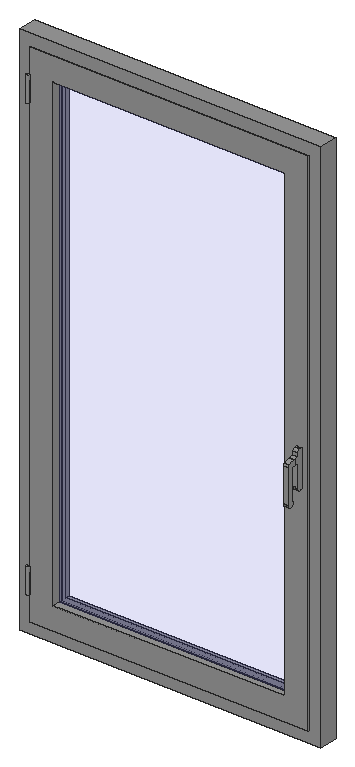
Revit family "2014_Ventana_Balconera-Practicable-1-Hoja_Alugom_Serie-ALG-75-Máxima", category Ventanas, Revit 2014
Parameters (values of type "Ventana 1 Hoja Balconera 1230x2200 mm")
  URL Poliamida - Catálogo = "http://www.technoform.com/fileadmin/Technoform_Bautec/standardprofiles.html"
  URL Poliamida = "http://www.technoform.es/"
  Configuración de poliamidas = "Poliamidas P66 GF25 Technoform Bautec de la serie Standar. Referencias: 429300, 268400, 425100, 380000"  # constant formula
  Apertura Balconera [instance] = yes
  Uniclass 2.0 Descripción = "Door and window systems"  # constant formula
  Uniclass 2.0 Código = "25-30"  # constant formula
  URL Producto = "http://www.alugom.com/Catalogo/tabid/336/ProdID/31/Language/es-ES/CatID/2/ventana_practicable_de_camara_europea_de_75_mm_con_RPT.aspx"
  URL = "http://www.alugom.com/"
  UNSPSC Código = "Windows"  # constant formula
  UNSPSC Categoría = "30171600"  # constant formula
  Transmitancia térmica** = "1.3 W(m²K)"  # constant formula
  Teléfono de Contacto = "+34 91 616 47 27"  # constant formula
  Sección de Marco = 75.00 mm  # constant formula
  Sección de Hoja = 82.00 mm  # constant formula
  Resistencia al viento* = "CLASE C5"  # constant formula
  Poliamida = Poliamida, Technoform Bautec, PA66 GF 25
  Peso máxima por hoja [instance] = "120 Kg"
  Permeabilidad al aire* = "CLASE 4"  # constant formula
  PERFILES_Junquillo 22mm_Vertical = 2
  PERFILES_Junquillo 22mm_Horizontal = 2
  PERFILES_8428-Vierteaguas_Horizontal = 1
  PERFILES_8412-Pletina falleba_Vertical = 0
  PERFILES_16---H-Cerco balconera alg 75_Vertical = 2
  PERFILES_16---H-Cerco balconera alg 75_Horizontal = 2
  PERFILES_16---H-Hoja balconera alg 75_Vertical = 2
  PERFILES_16---H-Hoja balconera alg 75_Horizontal = 2
  Omniclass Título = "Casment Window"  # constant formula
  Omniclass Código = "23.30.20.17.21.21"  # constant formula
  Modelo = "Serie ALG 75 MAXIMA"  # constant formula
  Masterformat Descripción = "Aluminium Windows"  # constant formula
  Masterformat Código = "08 51 13"  # constant formula
  Marco = Aluminio
  Manija [instance] = yes
  Línea Proyección = Anchura - (2 * 39.25 mm)  # 1151.50 mm
  IFC Clasificación = ""
  Grosor Acristalamiento Control = if(Grosor Acristalamiento < 26.50 mm, 26.50 mm, if(Grosor Acristalamiento > 60.50 mm, 60.50 mm, Grosor Acristalamiento))  # 39.00 mm
  Grosor Acristalamiento = 39.00 mm
  Fecha Revisión de Contenido = "20/10/2015"  # constant formula
  Fecha de Caducidad de la Información = "01/01/2016"  # constant formula
  Fabricante = "Grupo ALUGOM"  # constant formula
  Estanqueidad al aire* = "CLASE E1650"  # constant formula
  Email de Contacto = "alugom@alugom.com"  # constant formula
  Detalle Perfileria 16---H Cerco + 16---H Hoja [instance] = yes
  Desfase Interior Real [instance] = Desfase Interior + 75.00 mm  # 75.00 mm
  Desfase Interior [instance] = 0.00 mm
  Descripción = "Ventana 1 hoja balconera con rotura de puente térmico"  # constant formula
  Creado por = "Bimetica Parametric Design Services S.L."  # constant formula
  Comentarios de tipo = "UNA VENTANA TOP CON LA EFICIENCIA ENERGETICA DEL FUTURO\r\nCon la nueva ALG 75 MAXIMA y su valor medio Uf de 1,26 W/m2K el ahorro en calefacción está asegurado. Este sistema de carpintería posee una eficiencia energética mayor que muchas ventanas de PVC o madera, satisfaciendo los requisitos mas exigentes en aislamiento térmico. Y todo ello, sin renunciar a las ventajas de resistencia, durabilidad, elegancia y posibilidades de diseño del aluminio. Estos increíbles valores de aislamiento térmico se consiguen mediante las poliamidas de 'alas' y 'celdas', la doble junta central y la colocación de 'foam' por debajo del cristal.\r\nSe trata de un sistema de carpintería de tres cámaras con rotura de puente térmico para puertas y ventanas, que con un diseño robusto, una gran versatilidad  y un alto aislamiento térmico, está especialmente diseñado para que el montaje sea fácil. La hoja de 81 mm de esta ventana permite hasta 60 mm de galce, pudiéndose realizar grandes ventanales para mejorar el confort y la luminosidad de las viviendas o edificios. \r\n\r\nVentana de elegante sofisticación ideal para quien busque una arquitectura sostenible con un diseño vanguardista."  # constant formula
  COBie Categoría = ""
  Bimetica = "http://www.bimetica.com"
  Anchura Real = if(Anchura < 500.00 mm, 500.00 mm, if(Anchura > 1700.00 mm, 1700.00 mm, Anchura))  # 1230.00 mm
  Altura Real = if(Altura < 500.00 mm, 500.00 mm, if(Altura > 2500.00 mm, 2500.00 mm, Altura))  # 2200.00 mm
  Altura Manija [instance] = 1000.00 mm
  Altura Cristal = Altura - 126.00 mm  # 2074.00 mm
  Altura Hoja = Altura - 27.00 mm  # 2173.00 mm
  Altura = 2200.00 mm
  Altura de antepecho por defecto = 0.00 mm
  Cierre de muro = Por anfitrión
  Anchura = 1230.00 mm
  Aislamiento acústico*** = "44 (-1,-5) dB"  # constant formula
  Acristalamiento = Vidrio
  ACCESORIOS_5105-Ángulo vulcanizado junta central = 4
  ACCESORIOS_5085 Junta perimetral hoja alg (L) = 2
  ACCESORIOS_5085 Junta perimetral hoja alg (H) = 2
  ACCESORIOS_5079-Manilla Inox recta = 1
  ACCESORIOS_5074-Refuerzo junta central (L) = 2
  ACCESORIOS_5074-Refuerzo junta central (H) = 2
  ACCESORIOS_5073-Junta central alg (L) = 2
  ACCESORIOS_5073-Junta central alg (H) = 2
  ACCESORIOS_4850-Junta exterior acrist. c/alas (L) = 2
  ACCESORIOS_4850-Junta exterior acrist. c/alas (H) = 2
  ACCESORIOS_5104-Escuadra balconera = 8
  ACCESORIOS_4739-Terminal pletina metálico = 2
  ACCESORIOS_4720-Cerradero lateral doble = 2
  ACCESORIOS_4710-Escuadra alineamiento (14mm) = 12
  ACCESORIOS_4613-Mecanismo cuadradillo pract. = 1
  ACCESORIOS_4390-Bisagra pract. = 2
  ACCESORIOS_4337-Embellecedor salida agua = 2
  ACCESORIOS_4008-Patín apoyo hoja = 1
  ACCESORIOS_1306-Escuadra exterior = 8
  *** Info = "Ventana de 2 hojas de 1230x1480 mm; Vidrio Rw: 40 (-2,-6) dB"  # constant formula
  ** Info = "Ventana de 1 hoja de 1230x1480 mm; Vidrio Uv: 0,7W(m²K) "  # constant formula
  * Info = "Ventana de 2 hojas de 1230x1480 mm"  # constant formula
Reference planes
  plane 1 "Centro (Frontal/Posterior)": y = 0
  plane 2 "Centro (Izquierda/Derecha)": x = 0
  plane 3 "Izquierda": x = -615
  plane 4 "Derecha": x = 615
  plane 5 "Antepecho": z = 0
  plane 6 "Extremo inicial": z = 2200
  plane 7 "Exterior": y = 100
  plane 8 "Interior": y = -100
  plane 9 "centro carpinteria": y = -25
  plane 10 "Manija": x = 532.999
  plane 11 "altura Manija": z = 1000
Forms (mm)
  Sweep 1, solid, material "Aluminio" <- "Marco", detail levels medium+fine
    path origin (0, -25, 0) x (-1, 0, 0) y (0, 0, 1)
      loop
        line (-615, 2200) -> (-615, 0) -> (615, 0) -> (615, 2200) -> (-615, 2200)
    profile origin (615, -25, 1100) x (0, 1, 0) y (-1, 0, 0)
      loop
        line (0, 0) -> (0, 76) -> (-4, 76) -> (-4, 54) -> (-75, 54) -> (-75, 0) -> (0, 0)
  Sweep 2, solid, material "Aluminio" <- "Marco", detail levels medium+fine
    path origin (0, -25, 0) x (-1, 0, 0) y (0, 0, 1)
      loop
        line (-615, 0) -> (615, 0) -> (615, 2200) -> (-615, 2200) -> (-615, 0)
    profile origin (615, -25, 1100) x (1, 0, 0) y (0, 1, 0)
      loop
        line (-63.582, -48.401) -> (-63.582, -16) -> (-74.775, -16) -> (-74.775, -6.4) -> (-71.809, -6.4) -> (-71.809, -5) -> (-81.306, -5) -> (-81.306, 0) -> (-141.294, 0) -> (-141.294, -16.2) -> (-119.812, -16.2) -> (-119.812, -35.7) -> (-119.812, -55.2) -> (-141.812, -55.2) -> (-141.812, -82) -> (-47.312, -82) -> (-47.312, -78.5) -> (-64.814, -78.5) -> (-64.814, -53.6) -> (-72.778, -53.6) -> (-72.778, -48.401) -> (-63.582, -48.401)
  Extrusion 3, solid, material "Vidrio" <- "Acristalamiento"
    sketch origin (-48.05, 0, 0) x (0, -1, 0) y (1, 0, 0)
      loop
        line (41.2, -440.95) -> (80.2, -440.95) -> (80.2, 537.05) -> (41.2, 537.05) -> (41.2, -440.95)
    from 126 to 2074 <- "Altura Cristal"
  Extrusion 4, solid, material "Aluminio" <- "Marco", visible <- "Manija", detail levels fine
    sketch origin (0, 0, 0) x (0, -1, 0) y (1, 0, 0)
      loop
        arc (101.388, -577.904) -> (114.477, -578.41) -> (104.842, -569.538) r 6.979
        arc (104.842, -569.538) -> (103.415, -569.377) -> (103.009, -568) r 1.298
        line (103.009, -568) -> (103.009, -553.199) -> (103.886, -552.322) -> (103.886, -546.807) -> (101.986, -546.807) -> (101.986, -549.498) -> (78.764, -549.498) -> (78.764, -561) -> (100, -561) -> (100, -573.631) -> (101.388, -577.904)
    from 150 to 250
  Extrusion 5, solid, material "Aluminio" <- "Marco", visible <- "Manija", detail levels fine
    sketch origin (0, 0, 2200) x (0, -1, 0) y (1, 0, 0)
      loop
        arc (101.388, -577.904) -> (114.477, -578.41) -> (104.842, -569.538) r 6.979
        arc (104.842, -569.538) -> (103.415, -569.377) -> (103.009, -568) r 1.298
        line (103.009, -568) -> (103.009, -553.199) -> (103.886, -552.322) -> (103.886, -546.807) -> (101.986, -546.807) -> (101.986, -549.498) -> (78.764, -549.498) -> (78.764, -561) -> (100, -561) -> (100, -573.631) -> (101.388, -577.904)
    from -150 to -250
  Extrusion 6, solid, material "Aluminio" <- "Marco", visible <- "Manija", detail levels fine
    sketch origin (532.999, 0, 0) x (0, -1, 0) y (0, 0, 1)
      loop
        line (107, 925) -> (117, 925)
        arc (117, 925) -> (124.071, 927.929) -> (127, 935) r 10
        line (127, 935) -> (127, 1025.581) -> (145.126, 1028.452) -> (145.126, 1048.452) -> (127, 1051.323) -> (127, 1065)
        arc (127, 1065) -> (124.071, 1072.071) -> (117, 1075) r 10
        line (117, 1075) -> (107, 1075) -> (107, 925)
    from -10 to 10
  Extrusion 7, solid, material "Aluminio" <- "Marco", visible <- "Manija", detail levels fine
    sketch origin (532.999, 0, 0) x (0, -1, 0) y (0, 0, 1)
      loop
        line (145.126, 1028.452) -> (155.126, 1028.452)
        arc (155.126, 1028.452) -> (158.662, 1026.988) -> (160.126, 1023.452) r 5
        line (160.126, 1023.452) -> (160.126, 902.519)
        arc (160.126, 902.519) -> (159.505, 884.55) -> (175.126, 893.452) r 10.295
        line (175.126, 893.452) -> (175.126, 1034.132)
        arc (175.126, 1034.132) -> (174.063, 1037.737) -> (171.473, 1040.461) r 8.011
        arc (171.473, 1040.461) -> (158.662, 1045.651) -> (145.126, 1048.452) r 76.54
        line (145.126, 1048.452) -> (145.126, 1028.452)
    from -10 to 10
  Sweep 8, solid, material "Aluminio" <- "Marco", detail levels coarse
    path origin (0, -25, 0) x (-1, 0, 0) y (0, 0, 1)
      loop
        line (-615, 0) -> (615, 0) -> (615, 2200) -> (-615, 2200) -> (-615, 0)
    profile origin (615, -25, 1100) x (1, 0, 0) y (0, 1, 0)
      loop
        line (0, 0) -> (-126, 0) -> (-126, -75) -> (0, -75) -> (0, 0)
Lines and regions (mm)
  Opening 1
    outline origin (3500, -100, 0) x (1, 0, 0) y (0, 0, 1)
      loop
        line (-2885, 0) -> (-2885, 2200) -> (-4115, 2200) -> (-4115, 0) -> (-2885, 0)
  symbolic lines, style "Batiente de plano", visible <- "Apertura Balconera"
    curve 1: line (-575.748, -108.026, 0) -> (-575.748, -1259.526, 0)
    curve 4: arc (-575.748, -1259.526, 0) -> (238.486, -922.259, 0) -> (575.752, -108.026, 0) r 1151.5
  symbolic lines, style "Batiente de alzado", visible <- "Apertura Balconera"
    curve 2: line (-615, -25, 2200) -> (567.688, -25, 1100)
    curve 3: line (567.688, -25, 1100) -> (-615, -25, 0)
  symbolic lines, style "WindowsGlassProjection", detail levels medium+fine
    curve 5: line (-489, -75.2, 0) -> (489, -75.2, 0)
    curve 6: line (489, -46.2, 0) -> (-489, -46.2, 0)
    curve 7: line (489, -58.2, 0) -> (-489, -58.2, 0)
    curve 8: line (489, -63.2, 0) -> (-489, -63.2, 0)
    curve 9: line (-615, -46.2, 2074) -> (-615, -46.2, 126)
    curve 10: line (-615, -58.2, 2074) -> (-615, -58.2, 126)
    curve 11: line (-615, -63.2, 2074) -> (-615, -63.2, 126)
    curve 12: line (-615, -75.2, 2074) -> (-615, -75.2, 126)
    curve 13: line (-489, -41.2, 0) -> (-489, -80.2, 0)
    curve 14: line (489, -40.203, 0) -> (489, -79.203, 0)
  symbolic lines, style "WindowsGlassProjection"
    curve 15: line (532.999, -41.2, 2074) -> (532.999, -80.2, 2074)
    curve 16: line (532.999, -41.2, 126) -> (532.999, -80.2, 126)
Text (mm)
  text "EXTERIOR" at (-1963.203, 1332.353, 0), in view "Nivel de referencia"
  text "INTERIOR" at (-1981.466, -818.386, 0), in view "Nivel de referencia"
  text "Exterior" at (0, 923.751, 2943.296), in view "Derecha"
  text "Exterior" at (0, 1040.484, 2685.409), in view "Izquierda"
Dimensions and locks
  equal spacing: plane 3 "Izquierda", plane 2 "Centro (Izquierda/Derecha)", plane 4 "Derecha"
  "Anchura Real": plane 3 "Izquierda" to plane 4 "Derecha"
  "Altura Real": plane 5 "Antepecho" to plane 6 "Extremo inicial"
  "Altura de antepecho por defecto": plane 5 "Antepecho" to level
  locked: plane 7 "Exterior" to host wall at 0
  locked: plane 8 "Interior" to host wall
  equal spacing: plane 6 "Extremo inicial", curve 3, plane 5 "Antepecho"
  "Desfase Interior Real": plane 9 "centro carpinteria" to plane 8 "Interior"
  "Línea Proyección": curve 1 to curve 1
  locked: curve 3 to plane 4 "Derecha" at 47.312
  locked: plane 3 "Izquierda" to curve 4 at 39.252
  locked: Extrusion 3 sketch curve to plane 4 "Derecha" at 126
  locked: plane 3 "Izquierda" to Extrusion 3 sketch curve at 126
  plane 3 "Izquierda" to Extrusion 4 sketch curve to Extrusion 4 sketch curve to Extrusion 4 sketch curve to Extrusion 4 sketch curve to Extrusion 4 sketch curve to Extrusion 4 sketch curve to Extrusion 4 sketch curve to Extrusion 4 sketch curve = 39.252 mm locked, 2.116 mm locked, 5.249 mm locked, 7.383 mm locked, 7.801 mm locked, 0.877 mm locked, 2.823 mm locked, 2.691 mm locked
  plane 9 "centro carpinteria" to Extrusion 4 sketch curve to Extrusion 4 sketch curve to Extrusion 4 sketch curve to Extrusion 4 sketch curve to Extrusion 4 sketch curve to Extrusion 4 sketch curve to Extrusion 4 sketch curve to Extrusion 4 sketch curve = 53.764 mm locked, 21.236 mm locked, 1.388 mm locked, 0.598 mm locked, 1.023 mm locked, 0.877 mm locked, 0.363 mm locked, 3.776 mm locked
  Extrusion 5 sketch curve to Extrusion 5 sketch curve to Extrusion 5 sketch curve to Extrusion 5 sketch curve to Extrusion 5 sketch curve to Extrusion 5 sketch curve to Extrusion 5 sketch curve to Extrusion 5 sketch curve = 2.116 mm locked, 5.249 mm locked, 7.383 mm locked, 7.801 mm locked, 0.877 mm locked, 2.823 mm locked, 2.691 mm locked
  Extrusion 5 sketch curve to Extrusion 5 sketch curve to Extrusion 5 sketch curve to Extrusion 5 sketch curve to Extrusion 5 sketch curve to Extrusion 5 sketch curve to Extrusion 5 sketch curve to Extrusion 5 sketch curve = 21.236 mm locked, 1.388 mm locked, 0.598 mm locked, 1.023 mm locked, 0.877 mm locked, 0.363 mm locked, 3.776 mm locked
  locked: plane 9 "centro carpinteria" to Extrusion 5 sketch curve at 53.764
  locked: plane 3 "Izquierda" to Extrusion 5 sketch curve at 39.252
  locked: plane 9 "centro carpinteria" to curve 4 at 83.026
  locked: plane 3 "Izquierda" to curve 1 at 39.252
  locked: plane 9 "centro carpinteria" to curve 1 at 83.026
  locked: plane 10 "Manija" to plane 4 "Derecha" at 82.001
  "Altura Manija": plane 5 "Antepecho" to plane 11 "altura Manija"
  plane 11 "altura Manija" to Extrusion 6 sketch curve to Extrusion 6 sketch curve to Extrusion 6 sketch curve to Extrusion 6 sketch curve to Extrusion 6 sketch curve to Extrusion 6 sketch curve = 25.581 mm locked, 2.871 mm locked, 20.00 mm locked, 2.871 mm locked, 13.677 mm locked, 10.00 mm locked
  Extrusion 6 sketch curve to Extrusion 6 sketch curve to plane 11 "altura Manija" = 10.00 mm locked, 65.00 mm locked
  plane 9 "centro carpinteria" to Extrusion 6 sketch curve to Extrusion 6 sketch curve to Extrusion 6 sketch curve to Extrusion 6 sketch curve = 82.00 mm locked, 10.00 mm locked, 10.00 mm locked, 18.126 mm locked
  locked: plane 9 "centro carpinteria" to Extrusion 6 sketch curve at 102
  plane 11 "altura Manija" to Extrusion 7 sketch curve to Extrusion 7 sketch curve to Extrusion 7 sketch curve to Extrusion 7 sketch curve = 23.452 mm locked, 5.00 mm locked, 5.28 mm locked, 14.72 mm locked
  Extrusion 7 sketch curve to Extrusion 7 sketch curve to Extrusion 7 sketch curve to plane 11 "altura Manija" = 9.158 mm locked, 69.888 mm locked, 27.593 mm locked
  plane 9 "centro carpinteria" to Extrusion 7 sketch curve to Extrusion 7 sketch curve to Extrusion 7 sketch curve to Extrusion 7 sketch curve to Extrusion 7 sketch curve to Extrusion 7 sketch curve to Extrusion 7 sketch curve = 111.444 mm locked, 8.682 mm locked, 10.00 mm locked, 5.00 mm locked, 4.705 mm locked, 2.294 mm locked, 8.001 mm locked
  equal spacing: Sweep 2 sketch curve, Sweep 2 sketch curve, Sweep 2 sketch curve
  "Grosor Acristalamiento Control": Sweep 2 sketch curve to Sweep 2 sketch curve
  Sweep 1 sketch curve to Sweep 1 sketch curve to profile plane = 22.00 mm locked, 54.00 mm locked
  profile plane to Sweep 1 sketch curve to Sweep 1 sketch curve = 4.00 mm locked, 71.00 mm locked
  Sweep 2 sketch curve to Sweep 2 sketch curve to Sweep 2 sketch curve to Sweep 2 sketch curve to Sweep 2 sketch curve to Sweep 2 sketch curve to Sweep 2 sketch curve to Sweep 2 sketch curve to Sweep 2 sketch curve to Sweep 2 sketch curve to Sweep 2 sketch curve to profile plane = 0.518 mm locked, 21.482 mm locked, 0.00 mm locked, 38.505 mm locked, 6.532 mm locked, 1.997 mm locked, 0.969 mm locked, 6.995 mm locked, 1.232 mm locked, 16.27 mm locked, 47.312 mm locked
  profile plane to Sweep 2 sketch curve to Sweep 2 sketch curve to Sweep 2 sketch curve to Sweep 2 sketch curve to Sweep 2 sketch curve to Sweep 2 sketch curve to Sweep 2 sketch curve to Sweep 2 sketch curve = 5.00 mm locked, 1.40 mm locked, 9.60 mm locked, 19.70 mm locked, 12.701 mm locked, 5.199 mm locked, 24.90 mm locked, 3.50 mm locked
  locked: curve 14 to plane 4 "Derecha" at 126
  locked: plane 3 "Izquierda" to curve 13 at 126
  locked: Extrusion 3 to curve 6 at 5
  locked: Extrusion 3 to curve 5 at 5
  plane 9 "centro carpinteria" to curve 7 to curve 8 = 33.20 mm locked, 5.00 mm locked
  locked: curve 12 to Sweep 2 at 5
  locked: Sweep 2 to curve 9 at 5
  plane 9 "centro carpinteria" to curve 10 to curve 11 = 33.20 mm locked, 5.00 mm locked
  locked: Sweep 8 sketch curve to profile plane at 126
  locked: profile plane to Sweep 8 sketch curve at 75
  "Línea Proyección": radius of curve 4
  aligned and locked: plane 4 "Derecha" to Sweep 2 sketch curve
  aligned and locked: Sweep 2 sketch curve to plane 5 "Antepecho"
  aligned and locked: plane 3 "Izquierda" to curve 2
  aligned and locked: plane 3 "Izquierda" to curve 3
  aligned and locked: plane 6 "Extremo inicial" to curve 2
  aligned and locked: profile plane to Sweep 1 sketch curve
  aligned and locked: Sweep 1 sketch curve to profile plane
  aligned and locked: Extrusion 3 to curve 9  (x2)
  aligned and locked: Extrusion 3 to curve 10  (x2)
  aligned and locked: Extrusion 3 to curve 11  (x2)
  aligned and locked: Extrusion 3 to curve 12  (x2)
  aligned and locked: profile plane to Sweep 2 sketch curve
  aligned and locked: Sweep 2 to Extrusion 3 sketch curve  (x2)
  aligned and locked: plane 3 "Izquierda" to nested 1
  aligned and locked: nested 1 to plane 9 "centro carpinteria"
  aligned and locked: plane 4 "Derecha" to nested 2
  aligned and locked: plane 9 "centro carpinteria" to nested 2
  aligned and locked: nested 3 to plane 6 "Extremo inicial"
  aligned and locked: nested 3 to plane 9 "centro carpinteria"
  aligned and locked: nested 4 to plane 5 "Antepecho"
  aligned and locked: plane 9 "centro carpinteria" to nested 4
  aligned and locked: Sweep 8 sketch curve to plane 4 "Derecha"
  aligned and locked: plane 3 "Izquierda" to Sweep 8 sketch curve
  aligned and locked: Sweep 8 sketch curve to plane 6 "Extremo inicial"
  aligned and locked: plane 5 "Antepecho" to Sweep 8 sketch curve
  aligned and locked: profile plane to Sweep 8 sketch curve
  aligned and locked: Sweep 8 sketch curve to profile plane
Automatic sketch dimensions
  Extrusion 7 sketch curve to Extrusion 7 sketch curve = 0.40 mm
  plane 3 "Izquierda" to Opening 1 sketch curve = 0.00 mm
  plane 4 "Derecha" to Opening 1 sketch curve = 0.00 mm
  Opening 1 sketch curve to plane 5 "Antepecho" = 0.00 mm
  Opening 1 sketch curve to plane 6 "Extremo inicial" = 0.00 mm
  plane 4 "Derecha" to Sweep 1 sketch curve = 0.00 mm
  plane 3 "Izquierda" to Sweep 1 sketch curve = 0.00 mm
  Sweep 1 sketch curve to plane 5 "Antepecho" = 0.00 mm
  Sweep 1 sketch curve to plane 6 "Extremo inicial" = 0.00 mm
  plane 3 "Izquierda" to Sweep 2 sketch curve = 0.00 mm
  Extrusion 4 sketch curve to Extrusion 4 sketch curve = 4.273 mm
  Extrusion 4 sketch curve to Extrusion 4 sketch curve = 0.383 mm
  Extrusion 5 sketch curve to Extrusion 5 sketch curve = 4.273 mm
  Extrusion 5 sketch curve to Extrusion 5 sketch curve = 0.383 mm
  curve 13 to curve 6 = 5.00 mm
  curve 14 to curve 6 = 5.997 mm
  curve 5 to curve 14 = 4.003 mm
  curve 5 to curve 13 = 5.00 mm
  Sweep 2 sketch curve to plane 6 "Extremo inicial" = 0.00 mm
  curve 3 to level = 0.00 mm
  curve 16 to plane 9 "centro carpinteria" = 16.20 mm
  level to curve 16 = 126.00 mm
  curve 15 to plane 9 "centro carpinteria" = 16.20 mm
  curve 16 to host wall = 19.80 mm
  curve 15 to host wall = 19.80 mm
  plane 6 "Extremo inicial" to curve 15 = 126.00 mm
Nested families
  nested 1: "160--H Cerco balconera+160--H Hoja balconera" at (-615, -25, 0) x (-1, 0, 0) z (0, 0, -1), visible <- "Detalle Perfileria 16---H Cerco + 16---H Hoja", type "160--H Cerco balconera+160--H Hoja balconera", detail levels fine
  nested 2: "160--H Cerco balconera+160--H Hoja balconera" at (615, -25, 0) x (1, 0, 0) z (0, 0, -1), visible <- "Detalle Perfileria 16---H Cerco + 16---H Hoja", type "160--H Cerco balconera+160--H Hoja balconera", detail levels fine
  nested 3: "160--H Cerco balconera+160--H Hoja balconera" at (532.999, -25, 2200) x (0, 0, 1) z (-1, 0, 0), visible <- "Detalle Perfileria 16---H Cerco + 16---H Hoja", type "160--H Cerco balconera+160--H Hoja balconera", detail levels fine
  nested 4: "160--H Cerco balconera+160--H Hoja balconera" at (532.999, -25, 0) x (0, 0, -1) z (-1, 0, 0), visible <- "Detalle Perfileria 16---H Cerco + 16---H Hoja", type "160--H Cerco balconera+160--H Hoja balconera", detail levels fine
Definition of nested family "160--H Cerco balconera+160--H Hoja balconera"
  Reference planes
    plane 1: y = 0
    plane 2: x = 0
